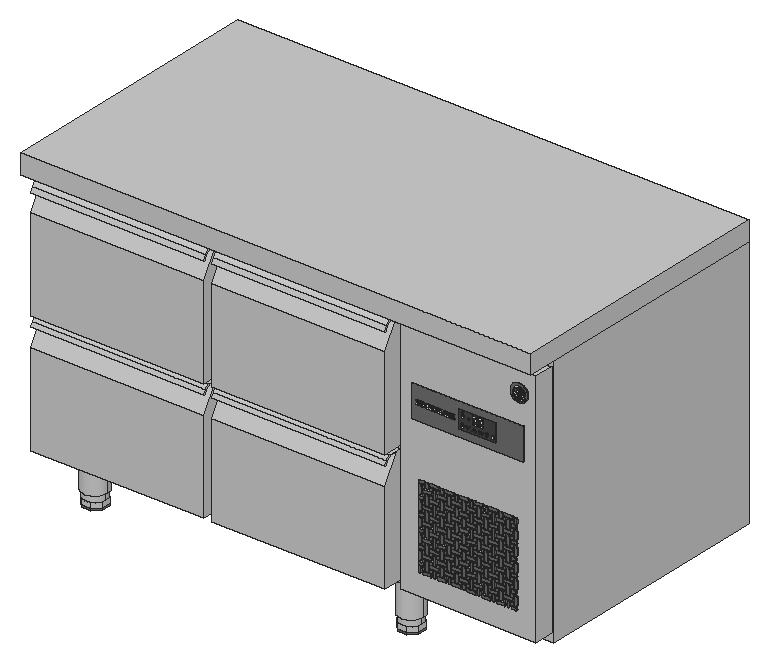
Revit family "QF_HOSHIZAKI_889000850", category Specialty Equipment, Revit 2016 (continued)
Definition of nested family "QF_HOSHIZAKI_889000850_230V_1Ph_50Hz"
  Definition of nested family "Control-panel"
    Forms (mm)
      Extrusion 1, solid
        sketch origin (-3653, 19.5, -135) x (-1, 0, 0) y (0, 0, 1)
          loop
            arc (-3954.5, 299.986) -> (-3951, 296.486) -> (-3947.5, 299.986) r 3.5
            line (-3947.5, 299.986) -> (-3947.5, 317.986)
          loop
            arc (-3941, 312.486) -> (-3944.5, 308.986) -> (-3941, 305.486) r 3.5
            line (-3941, 305.486) -> (-3923, 305.486)
            arc (-3923, 305.486) -> (-3919.5, 308.986) -> (-3923, 312.486) r 3.5
            line (-3923, 312.486) -> (-3941, 312.486)
          loop
            arc (-3903, 312.486) -> (-3906.5, 308.986) -> (-3903, 305.486) r 3.5
            line (-3903, 305.486) -> (-3885, 305.486)
            arc (-3885, 305.486) -> (-3881.5, 308.986) -> (-3885, 312.486) r 3.5
            line (-3885, 312.486) -> (-3903, 312.486)
          loop
            arc (-3865, 312.486) -> (-3868.5, 308.986) -> (-3865, 305.486) r 3.5
            line (-3865, 305.486) -> (-3847, 305.486)
            arc (-3847, 305.486) -> (-3843.5, 308.986) -> (-3847, 312.486) r 3.5
            line (-3847, 312.486) -> (-3865, 312.486)
          loop
            arc (-3827, 312.486) -> (-3830.5, 308.986) -> (-3827, 305.486) r 3.5
            line (-3827, 305.486) -> (-3809, 305.486)
            arc (-3809, 305.486) -> (-3805.5, 308.986) -> (-3809, 312.486) r 3.5
            line (-3809, 312.486) -> (-3827, 312.486)
          loop
            arc (-3789, 312.486) -> (-3792.5, 308.986) -> (-3789, 305.486) r 3.5
            line (-3789, 305.486) -> (-3771, 305.486)
            arc (-3771, 305.486) -> (-3767.5, 308.986) -> (-3771, 312.486) r 3.5
            line (-3771, 312.486) -> (-3789, 312.486)
          loop
            arc (-3751, 312.486) -> (-3754.5, 308.986) -> (-3751, 305.486) r 3.5
            line (-3751, 305.486) -> (-3733, 305.486)
            arc (-3733, 305.486) -> (-3729.5, 308.986) -> (-3733, 312.486) r 3.5
            line (-3733, 312.486) -> (-3751, 312.486)
          loop
            arc (-3713, 312.486) -> (-3716.5, 308.986) -> (-3713, 305.486) r 3.5
            line (-3713, 305.486) -> (-3704, 305.486)
            arc (-3704, 305.486) -> (-3700.5, 308.986) -> (-3704, 312.486) r 3.5
            line (-3704, 312.486) -> (-3713, 312.486)
          loop
            line (-3938.025, 302.996) -> (-3945.025, 302.996) -> (-3945.025, 295.996) -> (-3938.025, 295.996) -> (-3938.025, 302.996)
          loop
            line (-3919.025, 302.996) -> (-3926.025, 302.996) -> (-3926.025, 295.996) -> (-3919.025, 295.996) -> (-3919.025, 302.996)
          loop
            line (-3900.025, 302.996) -> (-3907.025, 302.996) -> (-3907.025, 295.996) -> (-3900.025, 295.996) -> (-3900.025, 302.996)
          loop
            line (-3881.025, 302.996) -> (-3888.025, 302.996) -> (-3888.025, 295.996) -> (-3881.025, 295.996) -> (-3881.025, 302.996)
          loop
            line (-3862.025, 302.996) -> (-3869.025, 302.996) -> (-3869.025, 295.996) -> (-3862.025, 295.996) -> (-3862.025, 302.996)
          loop
            line (-3843.025, 302.996) -> (-3850.025, 302.996) -> (-3850.025, 295.996) -> (-3843.025, 295.996) -> (-3843.025, 302.996)
          loop
            line (-3824.025, 302.996) -> (-3831.025, 302.996) -> (-3831.025, 295.996) -> (-3824.025, 295.996) -> (-3824.025, 302.996)
          loop
            line (-3805.025, 302.996) -> (-3812.025, 302.996) -> (-3812.025, 295.996) -> (-3805.025, 295.996) -> (-3805.025, 302.996)
          loop
            line (-3786.025, 302.996) -> (-3793.025, 302.996) -> (-3793.025, 295.996) -> (-3786.025, 295.996) -> (-3786.025, 302.996)
          loop
            line (-3767.025, 302.996) -> (-3774.025, 302.996) -> (-3774.025, 295.996) -> (-3767.025, 295.996) -> (-3767.025, 302.996)
          loop
            line (-3748.025, 302.996) -> (-3755.025, 302.996) -> (-3755.025, 295.996) -> (-3748.025, 295.996) -> (-3748.025, 302.996)
          loop
            line (-3729.025, 302.996) -> (-3736.025, 302.996) -> (-3736.025, 295.996) -> (-3729.025, 295.996) -> (-3729.025, 302.996)
          loop
            line (-3710.025, 302.996) -> (-3717.025, 302.996) -> (-3717.025, 295.996) -> (-3710.025, 295.996) -> (-3710.025, 302.996)
          loop
            line (-3935.5, 298.986) -> (-3935.5, 280.986)
            arc (-3935.5, 280.986) -> (-3932, 277.486) -> (-3928.5, 280.986) r 3.5
            line (-3928.5, 280.986) -> (-3928.5, 298.986)
            arc (-3928.5, 298.986) -> (-3932, 302.486) -> (-3935.5, 298.986) r 3.5
          loop
            line (-3897.5, 298.986) -> (-3897.5, 280.986)
            arc (-3897.5, 280.986) -> (-3894, 277.486) -> (-3890.5, 280.986) r 3.5
            line (-3890.5, 280.986) -> (-3890.5, 298.986)
            arc (-3890.5, 298.986) -> (-3894, 302.486) -> (-3897.5, 298.986) r 3.5
          loop
            line (-3859.5, 298.986) -> (-3859.5, 280.986)
            arc (-3859.5, 280.986) -> (-3856, 277.486) -> (-3852.5, 280.986) r 3.5
            line (-3852.5, 280.986) -> (-3852.5, 298.986)
            arc (-3852.5, 298.986) -> (-3856, 302.486) -> (-3859.5, 298.986) r 3.5
          loop
            line (-3821.5, 298.986) -> (-3821.5, 280.986)
            arc (-3821.5, 280.986) -> (-3818, 277.486) -> (-3814.5, 280.986) r 3.5
            line (-3814.5, 280.986) -> (-3814.5, 298.986)
            arc (-3814.5, 298.986) -> (-3818, 302.486) -> (-3821.5, 298.986) r 3.5
          loop
            line (-3783.5, 298.986) -> (-3783.5, 280.986)
            arc (-3783.5, 280.986) -> (-3780, 277.486) -> (-3776.5, 280.986) r 3.5
            line (-3776.5, 280.986) -> (-3776.5, 298.986)
            arc (-3776.5, 298.986) -> (-3780, 302.486) -> (-3783.5, 298.986) r 3.5
          loop
            line (-3745.5, 298.986) -> (-3745.5, 280.986)
            arc (-3745.5, 280.986) -> (-3742, 277.486) -> (-3738.5, 280.986) r 3.5
            line (-3738.5, 280.986) -> (-3738.5, 298.986)
            arc (-3738.5, 298.986) -> (-3742, 302.486) -> (-3745.5, 298.986) r 3.5
          loop
            line (-3707.5, 298.986) -> (-3707.5, 280.986)
            arc (-3707.5, 280.986) -> (-3704, 277.486) -> (-3700.5, 280.986) r 3.5
            line (-3700.5, 280.986) -> (-3700.5, 298.986)
            arc (-3700.5, 298.986) -> (-3704, 302.486) -> (-3707.5, 298.986) r 3.5
          loop
            arc (-3922, 293.486) -> (-3925.5, 289.986) -> (-3922, 286.486) r 3.5
            line (-3922, 286.486) -> (-3904, 286.486)
            arc (-3904, 286.486) -> (-3900.5, 289.986) -> (-3904, 293.486) r 3.5
            line (-3904, 293.486) -> (-3922, 293.486)
          loop
            arc (-3884, 293.486) -> (-3887.5, 289.986) -> (-3884, 286.486) r 3.5
            line (-3884, 286.486) -> (-3866, 286.486)
            arc (-3866, 286.486) -> (-3862.5, 289.986) -> (-3866, 293.486) r 3.5
            line (-3866, 293.486) -> (-3884, 293.486)
          loop
            arc (-3846, 293.486) -> (-3849.5, 289.986) -> (-3846, 286.486) r 3.5
            line (-3846, 286.486) -> (-3828, 286.486)
            arc (-3828, 286.486) -> (-3824.5, 289.986) -> (-3828, 293.486) r 3.5
            line (-3828, 293.486) -> (-3846, 293.486)
          loop
            arc (-3808, 293.486) -> (-3811.5, 289.986) -> (-3808, 286.486) r 3.5
            line (-3808, 286.486) -> (-3790, 286.486)
            arc (-3790, 286.486) -> (-3786.5, 289.986) -> (-3790, 293.486) r 3.5
            line (-3790, 293.486) -> (-3808, 293.486)
          loop
            arc (-3770, 293.486) -> (-3773.5, 289.986) -> (-3770, 286.486) r 3.5
            line (-3770, 286.486) -> (-3752, 286.486)
            arc (-3752, 286.486) -> (-3748.5, 289.986) -> (-3752, 293.486) r 3.5
            line (-3752, 293.486) -> (-3770, 293.486)
          loop
            arc (-3732, 293.486) -> (-3735.5, 289.986) -> (-3732, 286.486) r 3.5
            line (-3732, 286.486) -> (-3714, 286.486)
            arc (-3714, 286.486) -> (-3710.5, 289.986) -> (-3714, 293.486) r 3.5
            line (-3714, 293.486) -> (-3732, 293.486)
          loop
            line (-3938.025, 276.976) -> (-3938.025, 283.976) -> (-3945.025, 283.976) -> (-3945.025, 276.976) -> (-3938.025, 276.976)
          loop
            line (-3919.025, 276.976) -> (-3919.025, 283.976) -> (-3926.025, 283.976) -> (-3926.025, 276.976) -> (-3919.025, 276.976)
          loop
            line (-3900.025, 276.976) -> (-3900.025, 283.976) -> (-3907.025, 283.976) -> (-3907.025, 276.976) -> (-3900.025, 276.976)
          loop
            line (-3881.025, 276.976) -> (-3881.025, 283.976) -> (-3888.025, 283.976) -> (-3888.025, 276.976) -> (-3881.025, 276.976)
          loop
            line (-3862.025, 276.976) -> (-3862.025, 283.976) -> (-3869.025, 283.976) -> (-3869.025, 276.976) -> (-3862.025, 276.976)
          loop
            line (-3843.025, 276.976) -> (-3843.025, 283.976) -> (-3850.025, 283.976) -> (-3850.025, 276.976) -> (-3843.025, 276.976)
          loop
            line (-3824.025, 276.976) -> (-3824.025, 283.976) -> (-3831.025, 283.976) -> (-3831.025, 276.976) -> (-3824.025, 276.976)
          loop
            line (-3805.025, 276.976) -> (-3805.025, 283.976) -> (-3812.025, 283.976) -> (-3812.025, 276.976) -> (-3805.025, 276.976)
          loop
            line (-3786.025, 276.976) -> (-3786.025, 283.976) -> (-3793.025, 283.976) -> (-3793.025, 276.976) -> (-3786.025, 276.976)
          loop
            line (-3767.025, 276.976) -> (-3767.025, 283.976) -> (-3774.025, 283.976) -> (-3774.025, 276.976) -> (-3767.025, 276.976)
          loop
            line (-3748.025, 276.976) -> (-3748.025, 283.976) -> (-3755.025, 283.976) -> (-3755.025, 276.976) -> (-3748.025, 276.976)
          loop
            line (-3729.025, 276.976) -> (-3729.025, 283.976) -> (-3736.025, 283.976) -> (-3736.025, 276.976) -> (-3729.025, 276.976)
          loop
            line (-3710.025, 276.976) -> (-3710.025, 283.976) -> (-3717.025, 283.976) -> (-3717.025, 276.976) -> (-3710.025, 276.976)
          loop
            arc (-3719.5, 279.986) -> (-3723, 283.486) -> (-3726.5, 279.986) r 3.5
            line (-3726.5, 279.986) -> (-3726.5, 261.986)
            arc (-3726.5, 261.986) -> (-3723, 258.486) -> (-3719.5, 261.986) r 3.5
            line (-3719.5, 261.986) -> (-3719.5, 279.986)
          loop
            arc (-3757.5, 279.986) -> (-3761, 283.486) -> (-3764.5, 279.986) r 3.5
            line (-3764.5, 279.986) -> (-3764.5, 261.986)
            arc (-3764.5, 261.986) -> (-3761, 258.486) -> (-3757.5, 261.986) r 3.5
            line (-3757.5, 261.986) -> (-3757.5, 279.986)
          loop
            arc (-3795.5, 279.986) -> (-3799, 283.486) -> (-3802.5, 279.986) r 3.5
            line (-3802.5, 279.986) -> (-3802.5, 261.986)
            arc (-3802.5, 261.986) -> (-3799, 258.486) -> (-3795.5, 261.986) r 3.5
            line (-3795.5, 261.986) -> (-3795.5, 279.986)
          loop
            arc (-3833.5, 279.986) -> (-3837, 283.486) -> (-3840.5, 279.986) r 3.5
            line (-3840.5, 279.986) -> (-3840.5, 261.986)
            arc (-3840.5, 261.986) -> (-3837, 258.486) -> (-3833.5, 261.986) r 3.5
            line (-3833.5, 261.986) -> (-3833.5, 279.986)
          loop
            arc (-3871.5, 279.986) -> (-3875, 283.486) -> (-3878.5, 279.986) r 3.5
            line (-3878.5, 279.986) -> (-3878.5, 261.986)
            arc (-3878.5, 261.986) -> (-3875, 258.486) -> (-3871.5, 261.986) r 3.5
            line (-3871.5, 261.986) -> (-3871.5, 279.986)
          loop
            arc (-3909.5, 279.986) -> (-3913, 283.486) -> (-3916.5, 279.986) r 3.5
            line (-3916.5, 279.986) -> (-3916.5, 261.986)
            arc (-3916.5, 261.986) -> (-3913, 258.486) -> (-3909.5, 261.986) r 3.5
            line (-3909.5, 261.986) -> (-3909.5, 279.986)
          loop
            arc (-3951, 292.986) -> (-3954, 289.986) -> (-3951, 286.986) r 3
            line (-3951, 286.986) -> (-3942, 286.986)
            arc (-3942, 286.986) -> (-3939, 289.986) -> (-3942, 292.986) r 3
            line (-3942, 292.986) -> (-3951, 292.986)
          loop
            arc (-3947.5, 279.986) -> (-3951, 283.486) -> (-3954.5, 279.986) r 3.5
            line (-3954.5, 279.986) -> (-3954.5, 261.986)
            arc (-3954.5, 261.986) -> (-3951, 258.486) -> (-3947.5, 261.986) r 3.5
            line (-3947.5, 261.986) -> (-3947.5, 279.986)
          loop
            arc (-3941, 274.486) -> (-3944.5, 270.986) -> (-3941, 267.486) r 3.5
            line (-3941, 267.486) -> (-3923, 267.486)
            arc (-3923, 267.486) -> (-3919.5, 270.986) -> (-3923, 274.486) r 3.5
            line (-3923, 274.486) -> (-3941, 274.486)
          loop
            arc (-3903, 274.486) -> (-3906.5, 270.986) -> (-3903, 267.486) r 3.5
            line (-3903, 267.486) -> (-3885, 267.486)
            arc (-3885, 267.486) -> (-3881.5, 270.986) -> (-3885, 274.486) r 3.5
            line (-3885, 274.486) -> (-3903, 274.486)
          loop
            arc (-3865, 274.486) -> (-3868.5, 270.986) -> (-3865, 267.486) r 3.5
            line (-3865, 267.486) -> (-3847, 267.486)
            arc (-3847, 267.486) -> (-3843.5, 270.986) -> (-3847, 274.486) r 3.5
            line (-3847, 274.486) -> (-3865, 274.486)
          loop
            arc (-3827, 274.486) -> (-3830.5, 270.986) -> (-3827, 267.486) r 3.5
            line (-3827, 267.486) -> (-3809, 267.486)
            arc (-3809, 267.486) -> (-3805.5, 270.986) -> (-3809, 274.486) r 3.5
            line (-3809, 274.486) -> (-3827, 274.486)
          loop
            arc (-3789, 274.486) -> (-3792.5, 270.986) -> (-3789, 267.486) r 3.5
            line (-3789, 267.486) -> (-3771, 267.486)
            arc (-3771, 267.486) -> (-3767.5, 270.986) -> (-3771, 274.486) r 3.5
            line (-3771, 274.486) -> (-3789, 274.486)
          loop
            arc (-3751, 274.486) -> (-3754.5, 270.986) -> (-3751, 267.486) r 3.5
            line (-3751, 267.486) -> (-3733, 267.486)
            arc (-3733, 267.486) -> (-3729.5, 270.986) -> (-3733, 274.486) r 3.5
            line (-3733, 274.486) -> (-3751, 274.486)
          loop
            arc (-3713, 274.486) -> (-3716.5, 270.986) -> (-3713, 267.486) r 3.5
            line (-3713, 267.486) -> (-3704, 267.486)
            arc (-3704, 267.486) -> (-3700.5, 270.986) -> (-3704, 274.486) r 3.5
            line (-3704, 274.486) -> (-3713, 274.486)
          loop
            line (-3938.025, 264.996) -> (-3945.025, 264.996) -> (-3945.025, 257.996) -> (-3938.025, 257.996) -> (-3938.025, 264.996)
          loop
            line (-3919.025, 264.996) -> (-3926.025, 264.996) -> (-3926.025, 257.996) -> (-3919.025, 257.996) -> (-3919.025, 264.996)
          loop
            line (-3900.025, 264.996) -> (-3907.025, 264.996) -> (-3907.025, 257.996) -> (-3900.025, 257.996) -> (-3900.025, 264.996)
          loop
            line (-3881.025, 264.996) -> (-3888.025, 264.996) -> (-3888.025, 257.996) -> (-3881.025, 257.996) -> (-3881.025, 264.996)
          loop
            line (-3862.025, 264.996) -> (-3869.025, 264.996) -> (-3869.025, 257.996) -> (-3862.025, 257.996) -> (-3862.025, 264.996)
          loop
            line (-3843.025, 264.996) -> (-3850.025, 264.996) -> (-3850.025, 257.996) -> (-3843.025, 257.996) -> (-3843.025, 264.996)
          loop
            line (-3824.025, 264.996) -> (-3831.025, 264.996) -> (-3831.025, 257.996) -> (-3824.025, 257.996) -> (-3824.025, 264.996)
          loop
            line (-3805.025, 264.996) -> (-3812.025, 264.996) -> (-3812.025, 257.996) -> (-3805.025, 257.996) -> (-3805.025, 264.996)
          loop
            line (-3786.025, 264.996) -> (-3793.025, 264.996) -> (-3793.025, 257.996) -> (-3786.025, 257.996) -> (-3786.025, 264.996)
          loop
            line (-3767.025, 264.996) -> (-3774.025, 264.996) -> (-3774.025, 257.996) -> (-3767.025, 257.996) -> (-3767.025, 264.996)
          loop
            line (-3748.025, 264.996) -> (-3755.025, 264.996) -> (-3755.025, 257.996) -> (-3748.025, 257.996) -> (-3748.025, 264.996)
          loop
            line (-3729.025, 264.996) -> (-3736.025, 264.996) -> (-3736.025, 257.996) -> (-3729.025, 257.996) -> (-3729.025, 264.996)
          loop
            line (-3710.025, 264.996) -> (-3717.025, 264.996) -> (-3717.025, 257.996) -> (-3710.025, 257.996) -> (-3710.025, 264.996)
          loop
            line (-3935.5, 260.986) -> (-3935.5, 242.986)
            arc (-3935.5, 242.986) -> (-3932, 239.486) -> (-3928.5, 242.986) r 3.5
            line (-3928.5, 242.986) -> (-3928.5, 260.986)
            arc (-3928.5, 260.986) -> (-3932, 264.486) -> (-3935.5, 260.986) r 3.5
          loop
            line (-3897.5, 260.986) -> (-3897.5, 242.986)
            arc (-3897.5, 242.986) -> (-3894, 239.486) -> (-3890.5, 242.986) r 3.5
            line (-3890.5, 242.986) -> (-3890.5, 260.986)
            arc (-3890.5, 260.986) -> (-3894, 264.486) -> (-3897.5, 260.986) r 3.5
          loop
            line (-3859.5, 260.986) -> (-3859.5, 242.986)
            arc (-3859.5, 242.986) -> (-3856, 239.486) -> (-3852.5, 242.986) r 3.5
            line (-3852.5, 242.986) -> (-3852.5, 260.986)
            arc (-3852.5, 260.986) -> (-3856, 264.486) -> (-3859.5, 260.986) r 3.5
          loop
            line (-3821.5, 260.986) -> (-3821.5, 242.986)
            arc (-3821.5, 242.986) -> (-3818, 239.486) -> (-3814.5, 242.986) r 3.5
            line (-3814.5, 242.986) -> (-3814.5, 260.986)
            arc (-3814.5, 260.986) -> (-3818, 264.486) -> (-3821.5, 260.986) r 3.5
          loop
            line (-3783.5, 260.986) -> (-3783.5, 242.986)
            arc (-3783.5, 242.986) -> (-3780, 239.486) -> (-3776.5, 242.986) r 3.5
            line (-3776.5, 242.986) -> (-3776.5, 260.986)
            arc (-3776.5, 260.986) -> (-3780, 264.486) -> (-3783.5, 260.986) r 3.5
          loop
            line (-3745.5, 260.986) -> (-3745.5, 242.986)
            arc (-3745.5, 242.986) -> (-3742, 239.486) -> (-3738.5, 242.986) r 3.5
            line (-3738.5, 242.986) -> (-3738.5, 260.986)
            arc (-3738.5, 260.986) -> (-3742, 264.486) -> (-3745.5, 260.986) r 3.5
          loop
            line (-3707.5, 260.986) -> (-3707.5, 242.986)
            arc (-3707.5, 242.986) -> (-3704, 239.486) -> (-3700.5, 242.986) r 3.5
            line (-3700.5, 242.986) -> (-3700.5, 260.986)
            arc (-3700.5, 260.986) -> (-3704, 264.486) -> (-3707.5, 260.986) r 3.5
          loop
            arc (-3922, 255.486) -> (-3925.5, 251.986) -> (-3922, 248.486) r 3.5
            line (-3922, 248.486) -> (-3904, 248.486)
            arc (-3904, 248.486) -> (-3900.5, 251.986) -> (-3904, 255.486) r 3.5
            line (-3904, 255.486) -> (-3922, 255.486)
          loop
            arc (-3884, 255.486) -> (-3887.5, 251.986) -> (-3884, 248.486) r 3.5
            line (-3884, 248.486) -> (-3866, 248.486)
            arc (-3866, 248.486) -> (-3862.5, 251.986) -> (-3866, 255.486) r 3.5
            line (-3866, 255.486) -> (-3884, 255.486)
          loop
            arc (-3846, 255.486) -> (-3849.5, 251.986) -> (-3846, 248.486) r 3.5
            line (-3846, 248.486) -> (-3828, 248.486)
            arc (-3828, 248.486) -> (-3824.5, 251.986) -> (-3828, 255.486) r 3.5
            line (-3828, 255.486) -> (-3846, 255.486)
          loop
            arc (-3808, 255.486) -> (-3811.5, 251.986) -> (-3808, 248.486) r 3.5
            line (-3808, 248.486) -> (-3790, 248.486)
            arc (-3790, 248.486) -> (-3786.5, 251.986) -> (-3790, 255.486) r 3.5
            line (-3790, 255.486) -> (-3808, 255.486)
          loop
            arc (-3770, 255.486) -> (-3773.5, 251.986) -> (-3770, 248.486) r 3.5
            line (-3770, 248.486) -> (-3752, 248.486)
            arc (-3752, 248.486) -> (-3748.5, 251.986) -> (-3752, 255.486) r 3.5
            line (-3752, 255.486) -> (-3770, 255.486)
          loop
            arc (-3732, 255.486) -> (-3735.5, 251.986) -> (-3732, 248.486) r 3.5
            line (-3732, 248.486) -> (-3714, 248.486)
            arc (-3714, 248.486) -> (-3710.5, 251.986) -> (-3714, 255.486) r 3.5
            line (-3714, 255.486) -> (-3732, 255.486)
          loop
            line (-3938.025, 238.976) -> (-3938.025, 245.976) -> (-3945.025, 245.976) -> (-3945.025, 238.976) -> (-3938.025, 238.976)
          loop
            line (-3919.025, 238.976) -> (-3919.025, 245.976) -> (-3926.025, 245.976) -> (-3926.025, 238.976) -> (-3919.025, 238.976)
          loop
            line (-3900.025, 238.976) -> (-3900.025, 245.976) -> (-3907.025, 245.976) -> (-3907.025, 238.976) -> (-3900.025, 238.976)
          loop
            line (-3881.025, 238.976) -> (-3881.025, 245.976) -> (-3888.025, 245.976) -> (-3888.025, 238.976) -> (-3881.025, 238.976)
          loop
            line (-3862.025, 238.976) -> (-3862.025, 245.976) -> (-3869.025, 245.976) -> (-3869.025, 238.976) -> (-3862.025, 238.976)
          loop
            line (-3843.025, 238.976) -> (-3843.025, 245.976) -> (-3850.025, 245.976) -> (-3850.025, 238.976) -> (-3843.025, 238.976)
          loop
            line (-3824.025, 238.976) -> (-3824.025, 245.976) -> (-3831.025, 245.976) -> (-3831.025, 238.976) -> (-3824.025, 238.976)
          loop
            line (-3805.025, 238.976) -> (-3805.025, 245.976) -> (-3812.025, 245.976) -> (-3812.025, 238.976) -> (-3805.025, 238.976)
          loop
            line (-3786.025, 238.976) -> (-3786.025, 245.976) -> (-3793.025, 245.976) -> (-3793.025, 238.976) -> (-3786.025, 238.976)
          loop
            line (-3767.025, 238.976) -> (-3767.025, 245.976) -> (-3774.025, 245.976) -> (-3774.025, 238.976) -> (-3767.025, 238.976)
          loop
            line (-3748.025, 238.976) -> (-3748.025, 245.976) -> (-3755.025, 245.976) -> (-3755.025, 238.976) -> (-3748.025, 238.976)
          loop
            line (-3729.025, 238.976) -> (-3729.025, 245.976) -> (-3736.025, 245.976) -> (-3736.025, 238.976) -> (-3729.025, 238.976)
          loop
            line (-3710.025, 238.976) -> (-3710.025, 245.976) -> (-3717.025, 245.976) -> (-3717.025, 238.976) -> (-3710.025, 238.976)
          loop
            arc (-3719.5, 241.986) -> (-3723, 245.486) -> (-3726.5, 241.986) r 3.5
            line (-3726.5, 241.986) -> (-3726.5, 223.986)
            arc (-3726.5, 223.986) -> (-3723, 220.486) -> (-3719.5, 223.986) r 3.5
            line (-3719.5, 223.986) -> (-3719.5, 241.986)
          loop
            arc (-3757.5, 241.986) -> (-3761, 245.486) -> (-3764.5, 241.986) r 3.5
            line (-3764.5, 241.986) -> (-3764.5, 223.986)
            arc (-3764.5, 223.986) -> (-3761, 220.486) -> (-3757.5, 223.986) r 3.5
            line (-3757.5, 223.986) -> (-3757.5, 241.986)
          loop
            arc (-3795.5, 241.986) -> (-3799, 245.486) -> (-3802.5, 241.986) r 3.5
            line (-3802.5, 241.986) -> (-3802.5, 223.986)
            arc (-3802.5, 223.986) -> (-3799, 220.486) -> (-3795.5, 223.986) r 3.5
            line (-3795.5, 223.986) -> (-3795.5, 241.986)
          loop
            arc (-3833.5, 241.986) -> (-3837, 245.486) -> (-3840.5, 241.986) r 3.5
            line (-3840.5, 241.986) -> (-3840.5, 223.986)
            arc (-3840.5, 223.986) -> (-3837, 220.486) -> (-3833.5, 223.986) r 3.5
            line (-3833.5, 223.986) -> (-3833.5, 241.986)
          loop
            arc (-3871.5, 241.986) -> (-3875, 245.486) -> (-3878.5, 241.986) r 3.5
            line (-3878.5, 241.986) -> (-3878.5, 223.986)
            arc (-3878.5, 223.986) -> (-3875, 220.486) -> (-3871.5, 223.986) r 3.5
            line (-3871.5, 223.986) -> (-3871.5, 241.986)
          loop
            arc (-3909.5, 241.986) -> (-3913, 245.486) -> (-3916.5, 241.986) r 3.5
            line (-3916.5, 241.986) -> (-3916.5, 223.986)
            arc (-3916.5, 223.986) -> (-3913, 220.486) -> (-3909.5, 223.986) r 3.5
            line (-3909.5, 223.986) -> (-3909.5, 241.986)
          loop
            arc (-3951, 254.986) -> (-3954, 251.986) -> (-3951, 248.986) r 3
            line (-3951, 248.986) -> (-3942, 248.986)
            arc (-3942, 248.986) -> (-3939, 251.986) -> (-3942, 254.986) r 3
            line (-3942, 254.986) -> (-3951, 254.986)
          loop
            arc (-3947.5, 241.986) -> (-3951, 245.486) -> (-3954.5, 241.986) r 3.5
            line (-3954.5, 241.986) -> (-3954.5, 223.986)
            arc (-3954.5, 223.986) -> (-3951, 220.486) -> (-3947.5, 223.986) r 3.5
            line (-3947.5, 223.986) -> (-3947.5, 241.986)
          loop
            arc (-3941, 236.486) -> (-3944.5, 232.986) -> (-3941, 229.486) r 3.5
            line (-3941, 229.486) -> (-3923, 229.486)
            arc (-3923, 229.486) -> (-3919.5, 232.986) -> (-3923, 236.486) r 3.5
            line (-3923, 236.486) -> (-3941, 236.486)
          loop
            arc (-3903, 236.486) -> (-3906.5, 232.986) -> (-3903, 229.486) r 3.5
            line (-3903, 229.486) -> (-3885, 229.486)
            arc (-3885, 229.486) -> (-3881.5, 232.986) -> (-3885, 236.486) r 3.5
            line (-3885, 236.486) -> (-3903, 236.486)
          loop
            arc (-3865, 236.486) -> (-3868.5, 232.986) -> (-3865, 229.486) r 3.5
            line (-3865, 229.486) -> (-3847, 229.486)
            arc (-3847, 229.486) -> (-3843.5, 232.986) -> (-3847, 236.486) r 3.5
            line (-3847, 236.486) -> (-3865, 236.486)
          loop
            arc (-3827, 236.486) -> (-3830.5, 232.986) -> (-3827, 229.486) r 3.5
            line (-3827, 229.486) -> (-3809, 229.486)
            arc (-3809, 229.486) -> (-3805.5, 232.986) -> (-3809, 236.486) r 3.5
            line (-3809, 236.486) -> (-3827, 236.486)
          loop
            arc (-3789, 236.486) -> (-3792.5, 232.986) -> (-3789, 229.486) r 3.5
            line (-3789, 229.486) -> (-3771, 229.486)
            arc (-3771, 229.486) -> (-3767.5, 232.986) -> (-3771, 236.486) r 3.5
            line (-3771, 236.486) -> (-3789, 236.486)
          loop
            arc (-3751, 236.486) -> (-3754.5, 232.986) -> (-3751, 229.486) r 3.5
            line (-3751, 229.486) -> (-3733, 229.486)
            arc (-3733, 229.486) -> (-3729.5, 232.986) -> (-3733, 236.486) r 3.5
            line (-3733, 236.486) -> (-3751, 236.486)
          loop
            arc (-3713, 236.486) -> (-3716.5, 232.986) -> (-3713, 229.486) r 3.5
            line (-3713, 229.486) -> (-3704, 229.486)
            arc (-3704, 229.486) -> (-3700.5, 232.986) -> (-3704, 236.486) r 3.5
            line (-3704, 236.486) -> (-3713, 236.486)
          loop
            line (-3938.025, 226.996) -> (-3945.025, 226.996) -> (-3945.025, 219.996) -> (-3938.025, 219.996) -> (-3938.025, 226.996)
          loop
            line (-3919.025, 226.996) -> (-3926.025, 226.996) -> (-3926.025, 219.996) -> (-3919.025, 219.996) -> (-3919.025, 226.996)
          loop
            line (-3900.025, 226.996) -> (-3907.025, 226.996) -> (-3907.025, 219.996) -> (-3900.025, 219.996) -> (-3900.025, 226.996)
          loop
            line (-3881.025, 226.996) -> (-3888.025, 226.996) -> (-3888.025, 219.996) -> (-3881.025, 219.996) -> (-3881.025, 226.996)
          loop
            line (-3862.025, 226.996) -> (-3869.025, 226.996) -> (-3869.025, 219.996) -> (-3862.025, 219.996) -> (-3862.025, 226.996)
          loop
            line (-3843.025, 226.996) -> (-3850.025, 226.996) -> (-3850.025, 219.996) -> (-3843.025, 219.996) -> (-3843.025, 226.996)
          loop
            line (-3824.025, 226.996) -> (-3831.025, 226.996) -> (-3831.025, 219.996) -> (-3824.025, 219.996) -> (-3824.025, 226.996)
          loop
            line (-3805.025, 226.996) -> (-3812.025, 226.996) -> (-3812.025, 219.996) -> (-3805.025, 219.996) -> (-3805.025, 226.996)
          loop
            line (-3786.025, 226.996) -> (-3793.025, 226.996) -> (-3793.025, 219.996) -> (-3786.025, 219.996) -> (-3786.025, 226.996)
          loop
            line (-3767.025, 226.996) -> (-3774.025, 226.996) -> (-3774.025, 219.996) -> (-3767.025, 219.996) -> (-3767.025, 226.996)
          loop
            line (-3748.025, 226.996) -> (-3755.025, 226.996) -> (-3755.025, 219.996) -> (-3748.025, 219.996) -> (-3748.025, 226.996)
          loop
            line (-3729.025, 226.996) -> (-3736.025, 226.996) -> (-3736.025, 219.996) -> (-3729.025, 219.996) -> (-3729.025, 226.996)
          loop
            line (-3710.025, 226.996) -> (-3717.025, 226.996) -> (-3717.025, 219.996) -> (-3710.025, 219.996) -> (-3710.025, 226.996)
          loop
            arc (-3922, 217.486) -> (-3925.5, 213.986) -> (-3922, 210.486) r 3.5
            line (-3922, 210.486) -> (-3904, 210.486)
            arc (-3904, 210.486) -> (-3900.5, 213.986) -> (-3904, 217.486) r 3.5
            line (-3904, 217.486) -> (-3922, 217.486)
          loop
            arc (-3884, 217.486) -> (-3887.5, 213.986) -> (-3884, 210.486) r 3.5
            line (-3884, 210.486) -> (-3866, 210.486)
            arc (-3866, 210.486) -> (-3862.5, 213.986) -> (-3866, 217.486) r 3.5
            line (-3866, 217.486) -> (-3884, 217.486)
          loop
            arc (-3846, 217.486) -> (-3849.5, 213.986) -> (-3846, 210.486) r 3.5
            line (-3846, 210.486) -> (-3828, 210.486)
            arc (-3828, 210.486) -> (-3824.5, 213.986) -> (-3828, 217.486) r 3.5
            line (-3828, 217.486) -> (-3846, 217.486)
          loop
            arc (-3808, 217.486) -> (-3811.5, 213.986) -> (-3808, 210.486) r 3.5
            line (-3808, 210.486) -> (-3790, 210.486)
            arc (-3790, 210.486) -> (-3786.5, 213.986) -> (-3790, 217.486) r 3.5
            line (-3790, 217.486) -> (-3808, 217.486)
          loop
            arc (-3770, 217.486) -> (-3773.5, 213.986) -> (-3770, 210.486) r 3.5
            line (-3770, 210.486) -> (-3752, 210.486)
            arc (-3752, 210.486) -> (-3748.5, 213.986) -> (-3752, 217.486) r 3.5
            line (-3752, 217.486) -> (-3770, 217.486)
          loop
            arc (-3732, 217.486) -> (-3735.5, 213.986) -> (-3732, 210.486) r 3.5
            line (-3732, 210.486) -> (-3714, 210.486)
            arc (-3714, 210.486) -> (-3710.5, 213.986) -> (-3714, 217.486) r 3.5
            line (-3714, 217.486) -> (-3732, 217.486)
          loop
            arc (-3951, 216.986) -> (-3954, 213.986) -> (-3951, 210.986) r 3
            line (-3951, 210.986) -> (-3942, 210.986)
            arc (-3942, 210.986) -> (-3939, 213.986) -> (-3942, 216.986) r 3
            line (-3942, 216.986) -> (-3951, 216.986)
          loop
            arc (-3701, 223.486) -> (-3704, 226.486) -> (-3707, 223.486) r 3
            line (-3707, 223.486) -> (-3707, 214.486)
            arc (-3707, 214.486) -> (-3704, 211.486) -> (-3701, 214.486) r 3
            line (-3701, 214.486) -> (-3701, 223.486)
          loop
            arc (-3739, 223.486) -> (-3742, 226.486) -> (-3745, 223.486) r 3
            line (-3745, 223.486) -> (-3745, 214.486)
            arc (-3745, 214.486) -> (-3742, 211.486) -> (-3739, 214.486) r 3
            line (-3739, 214.486) -> (-3739, 223.486)
          loop
            arc (-3777, 223.486) -> (-3780, 226.486) -> (-3783, 223.486) r 3
            line (-3783, 223.486) -> (-3783, 214.486)
            arc (-3783, 214.486) -> (-3780, 211.486) -> (-3777, 214.486) r 3
            line (-3777, 214.486) -> (-3777, 223.486)
          loop
            arc (-3815, 223.486) -> (-3818, 226.486) -> (-3821, 223.486) r 3
            line (-3821, 223.486) -> (-3821, 214.486)
            arc (-3821, 214.486) -> (-3818, 211.486) -> (-3815, 214.486) r 3
            line (-3815, 214.486) -> (-3815, 223.486)
          loop
            arc (-3853, 223.486) -> (-3856, 226.486) -> (-3859, 223.486) r 3
            line (-3859, 223.486) -> (-3859, 214.486)
            arc (-3859, 214.486) -> (-3856, 211.486) -> (-3853, 214.486) r 3
            line (-3853, 214.486) -> (-3853, 223.486)
          loop
            arc (-3891, 223.486) -> (-3894, 226.486) -> (-3897, 223.486) r 3
            line (-3897, 223.486) -> (-3897, 214.486)
            arc (-3897, 214.486) -> (-3894, 211.486) -> (-3891, 214.486) r 3
            line (-3891, 214.486) -> (-3891, 223.486)
          loop
            arc (-3929, 223.486) -> (-3932, 226.486) -> (-3935, 223.486) r 3
            line (-3935, 223.486) -> (-3935, 214.486)
            arc (-3935, 214.486) -> (-3932, 211.486) -> (-3929, 214.486) r 3
            line (-3929, 214.486) -> (-3929, 223.486)
        from 5.5 to 7.5
      Extrusion 2, solid
        sketch origin (-1812, 19.5, -302.5) x (-1, 0, 0) y (0, 0, 1)
          loop
            line (-2131, 808) -> (-2131, 731)
            arc (-2131, 731) -> (-2130.121, 728.879) -> (-2128, 728) r 3
            line (-2128, 728) -> (-1845, 728)
            arc (-1845, 728) -> (-1842.879, 728.879) -> (-1842, 731) r 3
            line (-1842, 731) -> (-1842, 808)
            arc (-1842, 808) -> (-1842.879, 810.121) -> (-1845, 811) r 3
            line (-1845, 811) -> (-2128, 811)
            arc (-2128, 811) -> (-2130.121, 810.121) -> (-2131, 808) r 3
        from 5.5 to 7.5
      Extrusion 3, solid
        sketch origin (-1721.829, 19.5, -302.5) x (-1, 0, 0) y (0, 0, 1)
          loop
            line (-1873, 793) -> (-1968.159, 793) -> (-1968.159, 746) -> (-1873, 746) -> (-1873, 793)
        from 5 to 7.5
      Extrusion 4, solid, visible <- "Show Logo"
        sketch origin (-1807, 19.5, -188.5) x (-1, 0, 0) y (0, 0, 1)
          loop
            circle (-2113.5, 769.5) r 13.99
        from 4.5 to 6
      Extrusion 5, solid, visible <- "Show Logo"
        sketch origin (-1807, 19.5, -188.5) x (-1, 0, 0) y (0, 0, 1)
          loop
            circle (-2113.5, 769.5) r 15
          loop
            line (-2126.5, 769.5) -> (-2120.846, 773.459) -> (-2118.907, 773.459) -> (-2118.036, 763.497) -> (-2119.632, 763.497) -> (-2117.808, 760.891) -> (-2122.091, 759.743)
            arc (-2122.091, 759.743) -> (-2112.99, 756.51) -> (-2104.171, 760.446) r 13
            line (-2104.171, 760.446) -> (-2111.913, 760.446) -> (-2113.024, 758.523) -> (-2117.6, 758.523) -> (-2113.951, 764.843) -> (-2112.168, 762.297) -> (-2110.969, 763.497) -> (-2112.161, 767.945) -> (-2112.983, 771.014) -> (-2114.045, 774.979) -> (-2115.629, 777.241) -> (-2111.344, 777.241) -> (-2110.01, 772.26) -> (-2108.361, 772.26) -> (-2107.029, 770.928) -> (-2104.038, 769.201) -> (-2103.03, 765.437) -> (-2100.604, 767.863)
            arc (-2100.604, 767.863) -> (-2112.68, 782.474) -> (-2126.5, 769.5) r 13
          loop
            arc (-2125.531, 764.467) -> (-2124.506, 762.602) -> (-2123.241, 760.891) r 15.828
            line (-2123.241, 760.891) -> (-2121.071, 768.926) -> (-2125.531, 764.467)
          loop
            line (-2109.801, 769.877) -> (-2109.801, 764.664) -> (-2108.483, 768.285) -> (-2106.744, 769.399) -> (-2109.801, 769.877)
          loop
            line (-2108.558, 762.979) -> (-2105.47, 762.035) -> (-2104.504, 761.224) -> (-2103.812, 761.916) -> (-2105.089, 763.908) -> (-2108.558, 762.979)
          loop
            line (-2110.775, 779.307) -> (-2108.457, 780.388) -> (-2110.775, 781.009) -> (-2110.775, 779.307)
          loop
            line (-2113.024, 781.662) -> (-2115.087, 781.11) -> (-2114.199, 779.205) -> (-2112.584, 779.638) -> (-2113.79, 780.335) -> (-2113.024, 781.662)
          loop
            line (-2113.762, 753.783) -> (-2114.844, 752.701) -> (-2116.385, 752.701) -> (-2115.329, 751.645) -> (-2115.642, 749.874) -> (-2113.762, 750.959) -> (-2111.881, 749.874) -> (-2112.194, 751.645) -> (-2111.138, 752.701) -> (-2112.679, 752.701) -> (-2113.762, 753.783)
          loop
            line (-2126.524, 760.7) -> (-2128.032, 760.965) -> (-2128.916, 762.228) -> (-2129.176, 760.757) -> (-2130.805, 759.997) -> (-2128.838, 759.08) -> (-2128.648, 756.917) -> (-2127.377, 758.188) -> (-2125.906, 757.929) -> (-2126.79, 759.191) -> (-2126.524, 760.7)
          loop
            line (-2120.989, 755.68) -> (-2122.45, 755.219) -> (-2123.816, 755.931) -> (-2123.367, 754.507) -> (-2124.462, 753.08) -> (-2122.293, 753.175) -> (-2121.127, 751.344) -> (-2120.586, 753.059) -> (-2119.162, 753.508) -> (-2120.529, 754.219) -> (-2120.989, 755.68)
          loop
            line (-2100.476, 760.7) -> (-2100.21, 759.191) -> (-2101.094, 757.929) -> (-2099.623, 758.188) -> (-2098.352, 756.917) -> (-2098.162, 759.08) -> (-2096.195, 759.997) -> (-2097.824, 760.757) -> (-2098.084, 762.228) -> (-2098.968, 760.965) -> (-2100.476, 760.7)
          loop
            line (-2106.011, 755.68) -> (-2106.471, 754.219) -> (-2107.838, 753.508) -> (-2106.414, 753.059) -> (-2105.873, 751.344) -> (-2104.707, 753.175) -> (-2102.538, 753.08) -> (-2103.633, 754.507) -> (-2103.184, 755.931) -> (-2104.55, 755.219) -> (-2106.011, 755.68)
        from 4 to 6
      Extrusion 6, solid, visible <- "Show Logo"
        sketch origin (-1807, 19.5, -188.5) x (-1, 0, 0) y (0, 0, 1)
          loop
            line (-2110.775, 781.009) -> (-2112.201, 782.435)
            arc (-2112.201, 782.435) -> (-2113.187, 782.496) -> (-2114.172, 782.435) r 8.046
            arc (-2114.172, 782.435) -> (-2116.517, 781.025) -> (-2117.04, 778.339) r 3.366
            line (-2117.04, 778.339) -> (-2118.907, 773.459) -> (-2117.808, 760.891) -> (-2119.436, 758.565) -> (-2117.576, 758.565) -> (-2113.951, 764.843) -> (-2112.168, 762.297) -> (-2110.969, 763.497) -> (-2114.045, 774.979) -> (-2115.629, 777.241) -> (-2111.299, 777.241) -> (-2110.775, 779.307) -> (-2110.775, 781.009)
          loop
            line (-2116.531, 758.523) -> (-2117.14, 757.468) -> (-2111.822, 757.468) -> (-2112.761, 758.407) -> (-2109.605, 758.407) -> (-2110.682, 759.485) -> (-2112.469, 759.485) -> (-2113.024, 758.523) -> (-2116.531, 758.523)
          loop
            line (-2113.024, 781.662) -> (-2115.087, 781.11) -> (-2114.199, 779.205) -> (-2112.584, 779.638) -> (-2113.79, 780.335) -> (-2113.024, 781.662)
        from 4 to 6
      Extrusion 7, solid, visible <- "Show Logo"
        sketch origin (-1807, 19.5, -188.5) x (-1, 0, 0) y (0, 0, 1)
          loop
            circle (-2113.5, 769.5) r 22.5
        from 5 to 7.5
      Extrusion 8, solid
        sketch origin (-1721.829, 19.5, -302.5) x (-1, 0, 0) y (0, 0, 1)
          loop
            line (-1897.356, 754.233) -> (-1901.676, 760.18) -> (-1902.485, 759.592) -> (-1897.356, 752.532) -> (-1892.226, 759.592) -> (-1893.035, 760.18) -> (-1897.356, 754.233)
          loop
            line (-1895.298, 779.667) -> (-1903.298, 779.667) -> (-1899.298, 774.161) -> (-1895.298, 779.667)
          loop
            arc (-1884, 780.828) -> (-1883, 775) -> (-1882, 780.828) r 3
            line (-1882, 780.828) -> (-1882, 789)
            arc (-1882, 789) -> (-1883, 790) -> (-1884, 789) r 1
            line (-1884, 789) -> (-1884, 780.828)
          loop
            line (-1936.977, 758.753) -> (-1936.977, 757.753) -> (-1935.558, 757.753) -> (-1935.558, 753.753) -> (-1934.558, 753.753) -> (-1934.558, 757.753) -> (-1933.139, 757.753) -> (-1933.139, 758.753) -> (-1936.977, 758.753)
          loop
            line (-1932.115, 758.753) -> (-1932.115, 757.753) -> (-1929.56, 757.753) -> (-1929.56, 756.753) -> (-1932.115, 756.753) -> (-1932.115, 755.753) -> (-1929.56, 755.753) -> (-1929.56, 754.846) -> (-1932.115, 754.846) -> (-1932.115, 753.959) -> (-1928.597, 753.959) -> (-1928.597, 758.753) -> (-1932.115, 758.753)
          loop
            arc (-1924.65, 754.079) -> (-1924.044, 754.636) -> (-1923.817, 755.427) r 1.523
            line (-1923.817, 755.427) -> (-1924.894, 755.427)
            arc (-1924.894, 755.427) -> (-1925.223, 754.677) -> (-1926.036, 754.57) r 0.834
            arc (-1926.036, 754.57) -> (-1926.426, 755.149) -> (-1926.036, 755.728) r 0.624
            line (-1926.036, 755.728) -> (-1924.4, 756.389)
            arc (-1924.4, 756.389) -> (-1923.819, 757.429) -> (-1924.4, 758.468) r 1.22
            arc (-1924.4, 758.468) -> (-1925.609, 758.837) -> (-1926.845, 758.566) r 2.5
            arc (-1926.845, 758.566) -> (-1927.43, 758.007) -> (-1927.61, 757.218) r 1.408
            line (-1927.61, 757.218) -> (-1926.501, 757.218)
            arc (-1926.501, 757.218) -> (-1926.119, 757.761) -> (-1925.46, 757.843) r 0.819
            arc (-1925.46, 757.843) -> (-1925.082, 757.298) -> (-1925.527, 756.805) r 0.534
            arc (-1925.527, 756.805) -> (-1926.174, 756.645) -> (-1926.79, 756.389) r 4.401
            arc (-1926.79, 756.389) -> (-1927.499, 755.234) -> (-1926.79, 754.079) r 1.296
            arc (-1926.79, 754.079) -> (-1925.72, 753.823) -> (-1924.65, 754.079) r 2.364
          loop
            line (-1958.87, 752.532) -> (-1958.87, 755.934)
            arc (-1958.87, 755.934) -> (-1958.222, 756.503) -> (-1957.723, 757.207) r 3.697
            arc (-1957.723, 757.207) -> (-1957.553, 757.851) -> (-1957.699, 758.502) r 1.401
            arc (-1957.699, 758.502) -> (-1958.144, 759.265) -> (-1958.709, 759.944) r 5.307
            arc (-1958.709, 759.944) -> (-1959.239, 760.424) -> (-1959.82, 760.841) r 6.284
            arc (-1959.82, 760.841) -> (-1960.356, 760.997) -> (-1960.892, 760.841) r 1
            arc (-1960.892, 760.841) -> (-1961.473, 760.424) -> (-1962.003, 759.944) r 6.284
            arc (-1962.003, 759.944) -> (-1962.568, 759.265) -> (-1963.013, 758.502) r 5.307
            arc (-1963.013, 758.502) -> (-1963.159, 757.851) -> (-1962.988, 757.207) r 1.401
            arc (-1962.988, 757.207) -> (-1962.49, 756.503) -> (-1961.842, 755.934) r 3.697
            line (-1961.842, 755.934) -> (-1961.842, 752.532) -> (-1958.87, 752.532)
          loop
            line (-1882.858, 757.309) -> (-1881.853, 757.309) -> (-1881.853, 762) -> (-1882.858, 762) -> (-1882.858, 757.309)
          loop
            line (-1881.418, 759.222) -> (-1881.418, 760.609)
            arc (-1881.418, 760.609) -> (-1882.356, 752) -> (-1883.294, 760.609) r 4.356
            line (-1883.294, 760.609) -> (-1883.294, 759.222)
            arc (-1883.294, 759.222) -> (-1882.356, 753.34) -> (-1881.418, 759.222) r 3.016
          loop
            line (-1942.482, 755.817) -> (-1943.482, 755.817) -> (-1943.482, 752.817) -> (-1942.482, 752.817) -> (-1942.482, 755.817)
          loop
            line (-1944.856, 754.447) -> (-1945.856, 754.447) -> (-1945.856, 751.447) -> (-1944.856, 751.447) -> (-1944.856, 754.447)
          loop
            line (-1948.23, 755.817) -> (-1948.23, 752.817) -> (-1947.23, 752.817) -> (-1947.23, 755.817) -> (-1948.23, 755.817)
          loop
            line (-1945.356, 755.607) -> (-1942.858, 757.356) -> (-1943.431, 758.175) -> (-1945.356, 756.827) -> (-1947.28, 758.175) -> (-1947.854, 757.356) -> (-1945.356, 755.607)
          loop
            line (-1945.356, 758.296) -> (-1943.128, 760.523) -> (-1943.835, 761.23) -> (-1945.356, 759.71) -> (-1946.876, 761.23) -> (-1947.583, 760.523) -> (-1945.356, 758.296)
          loop
            line (-1912.356, 758.479) -> (-1908.035, 752.532) -> (-1907.226, 753.12) -> (-1912.356, 760.18) -> (-1917.485, 753.12) -> (-1916.676, 752.532) -> (-1912.356, 758.479)
          loop
            line (-1919.965, 768) -> (-1908.298, 768) -> (-1908.298, 779.667) -> (-1916.632, 779.667) -> (-1916.632, 784.667) -> (-1908.298, 784.667) -> (-1908.298, 788) -> (-1919.965, 788) -> (-1919.965, 776.333) -> (-1911.632, 776.333) -> (-1911.632, 771.333) -> (-1919.965, 771.333) -> (-1919.965, 768)
          loop
            line (-1934.965, 768) -> (-1923.298, 768) -> (-1923.298, 779.667) -> (-1931.632, 779.667) -> (-1931.632, 784.667) -> (-1923.298, 784.667) -> (-1923.298, 788) -> (-1934.965, 788) -> (-1934.965, 776.333) -> (-1926.632, 776.333) -> (-1926.632, 771.333) -> (-1934.965, 771.333) -> (-1934.965, 768)
        from 5 to 7.5
      Extrusion 9, solid, visible <- "Show Logo"
        sketch origin (5.605, 25.5, -94.508) x (-1, 0, 0) y (0, 0, 1)
          loop
            line (-34.966, 567.015) -> (-40.766, 567.015) -> (-40.766, 565.73) -> (-38.944, 564.902) -> (-38.944, 562.682) -> (-43.554, 562.682) -> (-43.554, 564.902) -> (-41.731, 565.73) -> (-41.731, 567.015) -> (-47.532, 567.015) -> (-47.532, 565.73) -> (-46.098, 564.902) -> (-46.098, 558.114) -> (-47.532, 557.286) -> (-47.532, 556) -> (-41.731, 556) -> (-41.731, 557.286) -> (-43.554, 558.114) -> (-43.554, 560.673) -> (-38.944, 560.673) -> (-38.944, 558.114) -> (-40.766, 557.286) -> (-40.766, 556) -> (-34.966, 556) -> (-34.966, 557.286) -> (-36.4, 558.114) -> (-36.4, 564.902) -> (-34.966, 565.73) -> (-34.966, 567.015)
          loop
            spline (-53.399, 556.042) -> (-51.878, 556.229) -> (-50.461, 556.777) -> (-49.244, 557.649) -> (-48.31, 558.785) -> (-47.723, 560.108) -> (-47.523, 561.528) -> (-47.723, 562.949) -> (-48.31, 564.272) -> (-49.244, 565.408) -> (-50.461, 566.28) -> (-51.878, 566.828) -> (-53.399, 567.015)
            spline (-53.399, 567.015) -> (-54.92, 566.828) -> (-56.337, 566.28) -> (-57.554, 565.408) -> (-58.488, 564.272) -> (-59.075, 562.949) -> (-59.276, 561.528) -> (-59.075, 560.108) -> (-58.488, 558.785) -> (-57.554, 557.649) -> (-56.337, 556.777) -> (-54.92, 556.229) -> (-53.399, 556.042)
          loop
            spline (-53.299, 557.388) -> (-52.547, 557.529) -> (-51.847, 557.943) -> (-51.245, 558.601) -> (-50.784, 559.458) -> (-50.493, 560.457) -> (-50.394, 561.528) -> (-50.493, 562.6) -> (-50.784, 563.598) -> (-51.245, 564.456) -> (-51.847, 565.114) -> (-52.547, 565.527) -> (-53.299, 565.668)
            spline (-53.299, 565.668) -> (-54.051, 565.527) -> (-54.752, 565.114) -> (-55.353, 564.456) -> (-55.815, 563.598) -> (-56.105, 562.6) -> (-56.204, 561.528) -> (-56.105, 560.457) -> (-55.815, 559.458) -> (-55.353, 558.601) -> (-54.752, 557.943) -> (-54.051, 557.529) -> (-53.299, 557.388)
          loop
            line (-69.829, 567.094) -> (-69.829, 563.369) -> (-68.139, 563.369) -> (-66.541, 565.495)
            arc (-66.541, 565.495) -> (-65.019, 565.695) -> (-63.498, 565.495) r 5.879
            arc (-63.498, 565.495) -> (-62.682, 564.432) -> (-63.498, 563.369) r 1.1
            line (-63.498, 563.369) -> (-69.29, 561.817)
            arc (-69.29, 561.817) -> (-70.234, 559.317) -> (-69.29, 556.817) r 3.783
            arc (-69.29, 556.817) -> (-65.84, 555.742) -> (-62.391, 556.817) r 6.071
            line (-62.391, 556.817) -> (-61.743, 556.17) -> (-59.855, 556.17) -> (-59.855, 559.779) -> (-61.862, 559.779) -> (-63.839, 557.802)
            arc (-63.839, 557.802) -> (-65.344, 557.537) -> (-66.85, 557.802) r 4.401
            arc (-66.85, 557.802) -> (-67.476, 558.697) -> (-66.85, 559.592) r 0.953
            line (-66.85, 559.592) -> (-61.612, 561.499)
            arc (-61.612, 561.499) -> (-59.989, 563.999) -> (-61.612, 566.499) r 2.737
            arc (-61.612, 566.499) -> (-64.578, 567.129) -> (-67.544, 566.499) r 7.289
            line (-67.544, 566.499) -> (-68.139, 567.094) -> (-69.829, 567.094)
          loop
            line (-71.301, 567.015) -> (-77.102, 567.015) -> (-77.102, 565.73) -> (-75.279, 564.902) -> (-75.279, 562.682) -> (-79.89, 562.682) -> (-79.89, 564.902) -> (-78.067, 565.73) -> (-78.067, 567.015) -> (-83.867, 567.015) -> (-83.867, 565.73) -> (-82.433, 564.902) -> (-82.433, 558.114) -> (-83.867, 557.286) -> (-83.867, 556) -> (-78.067, 556) -> (-78.067, 557.286) -> (-79.89, 558.114) -> (-79.89, 560.673) -> (-75.279, 560.673) -> (-75.279, 558.114) -> (-77.102, 557.286) -> (-77.102, 556) -> (-71.301, 556) -> (-71.301, 557.286) -> (-72.736, 558.114) -> (-72.736, 564.902) -> (-71.301, 565.73) -> (-71.301, 567.015)
          loop
            line (-90.776, 567.015) -> (-90.776, 565.73) -> (-89.342, 564.902) -> (-89.342, 558.114) -> (-90.776, 557.286) -> (-90.776, 556) -> (-84.989, 556) -> (-84.989, 557.286) -> (-86.423, 558.114) -> (-86.423, 564.902) -> (-84.989, 565.73) -> (-84.989, 567.015) -> (-90.776, 567.015)
          loop
            line (-92.073, 567.015) -> (-101.842, 567.015) -> (-101.842, 565.297) -> (-95.543, 557.791) -> (-98.873, 557.791) -> (-100.144, 558.681) -> (-100.144, 560.456) -> (-101.842, 560.456) -> (-101.842, 556) -> (-92.073, 556) -> (-92.073, 557.791) -> (-97.907, 564.744) -> (-97.907, 565.637) -> (-94.625, 565.637) -> (-93.746, 564.758) -> (-93.746, 562.341) -> (-92.073, 562.341) -> (-92.073, 567.015)
          loop
            line (-102.808, 556) -> (-102.808, 557.427) -> (-103.934, 557.427) -> (-107.808, 567.015) -> (-109.97, 567.015) -> (-113.886, 557.791) -> (-114.741, 557.791) -> (-114.741, 556) -> (-109.113, 556) -> (-109.113, 557.427) -> (-110.221, 557.427) -> (-111.13, 558.335) -> (-110.247, 559.596) -> (-106.153, 559.596) -> (-105.593, 558.058) -> (-106.224, 557.427) -> (-107.808, 557.427) -> (-107.808, 556) -> (-102.808, 556)
          loop
            line (-115.159, 567.015) -> (-120.444, 567.015) -> (-120.444, 565.595) -> (-119.405, 565.595) -> (-119.405, 561.351) -> (-123.648, 565.595) -> (-122.274, 565.595) -> (-122.274, 567.015) -> (-127.274, 567.015) -> (-127.274, 565.595) -> (-125.79, 565.595) -> (-123.002, 562.806) -> (-127.274, 557.791) -> (-128.486, 557.791) -> (-128.486, 556) -> (-122.274, 556) -> (-122.274, 557.791) -> (-123.993, 557.791) -> (-120.99, 560.794) -> (-119.405, 559.209) -> (-119.405, 557.791) -> (-120.444, 557.791) -> (-120.444, 556) -> (-115.444, 556) -> (-115.444, 557.791) -> (-116.869, 557.791) -> (-116.869, 565.595) -> (-115.159, 565.595) -> (-115.159, 567.015)
          loop
            line (-135, 567.015) -> (-135, 565.73) -> (-133.566, 564.902) -> (-133.566, 558.114) -> (-135, 557.286) -> (-135, 556) -> (-129.213, 556) -> (-129.213, 557.286) -> (-130.648, 558.114) -> (-130.648, 564.902) -> (-129.213, 565.73) -> (-129.213, 567.015) -> (-135, 567.015)
          loop
            line (-108.15, 564.538) -> (-109.61, 561.096) -> (-106.759, 561.096) -> (-108.15, 564.538)
        from 1 to -1
    Dimensions and locks
      plane 4 to plane 2 = 650 mm
      plane 4 to level = 650 mm
      aligned and locked: level to plane 2
Definition of nested family "QF_HOSHIZAKI_ADVANCE_REF-COUNTER-WORKTOPS"
  Parameters (values of type "760660203")
    Worktop without backsplash = yes
    Worktop with backsplash = no
    Worktop thickness [instance] = 50 mm
    Without worktop = no
    Weight [instance] = 0.00 kg
    URL Cutsheet [instance] = ""
    URL = "www.hoshizaki-europe.com"
    Status [instance] = ""
    Specification by User [instance] = ""
    Specification by Manufacturer [instance] = ""
    Serial Number [instance] = ""
    Seismic Rating [instance] = ""
    SMACNA No [instance] = ""
    Revision Code [instance] = ""
    NAFEM Spec ID Number [instance] = ""
    Model = "760660203"
    Masterspec [instance] = ""
    Manufacturer = "HOSHIZAKI"
    Length Actual [instance] = 2246 mm
    Item Number [instance] = ""
    Installed By [instance] = ""
    Identify Quantity as Lot [instance] = no
    Height Actual [instance] = 50 mm
    Furnished By [instance] = ""
    Foodservice Equipment Identifier [instance] = no
    Description = "FLAT WORKTOP FOR ACR 225 (AISI 430)"
    Depth Actual [instance] = 700 mm
    Cost = 0
    CSI MasterFormat [instance] = ""
    Backsplash thickness [instance] = 20 mm
    Backsplash height [instance] = 100 mm
    Assembly Code = "E1090320"
    Accessory [instance] = yes
  Reference planes
    plane 1 "Back": y = 0
    plane 2: z = 0
    plane 3 "Left": x = 0
    plane 4 "Right": x = 2246
    plane 5 "Front": y = -700
    plane 6 "Top": z = 50
    plane 7 "Backsplash thickness": y = -20
    plane 8 "Upright height": z = 150
    plane 9 "Center Left Right": x = 1123
  Forms (mm)
    Extrusion 1, solid, visible <- "Worktop with backsplash"
      sketch origin (0, 0, 0) x (0, 1, 0) y (0, 0, 1)
        loop
          line (0, 150) -> (-20, 150) -> (-20, 50) -> (-700, 50) -> (-700, 0) -> (0, 0) -> (0, 150)
      from 0 to 2246
    Extrusion 2, solid, visible <- "Worktop without backsplash"
      sketch origin (0, 0, 0) x (0, 1, 0) y (0, 0, 1)
        loop
          line (0, 0) -> (0, 50) -> (-700, 50) -> (-700, 0) -> (0, 0)
      from 0 to 2246
  Lines and regions (mm)
    Masking region 1, visible <- "Worktop with backsplash"
      outline origin (0, 0, 50) x (0, 1, 0) y (-1, 0, 0)
        loop
          line (0, 0) -> (-700, 0) -> (-700, -2246) -> (0, -2246) -> (0, 0)
    Masking region 2, visible <- "Worktop without backsplash"
      outline origin (0, 0, 50) x (0, 1, 0) y (-1, 0, 0)
        loop
          line (0, 0) -> (-700, 0) -> (-700, -2246) -> (0, -2246) -> (0, 0)
    symbolic lines, visible <- "Worktop with backsplash"
      curve 1: line (0, 0, 0) -> (2246, 0, 0)
      curve 2: line (2246, 0, 0) -> (2246, -700, 0)
      curve 3: line (2246, -700, 0) -> (0, -700, 0)
      curve 4: line (0, -700, 0) -> (0, 0, 0)
      curve 5: line (0, -20, 0) -> (2246, -20, 0)
    symbolic lines, visible <- "Worktop without backsplash"
      curve 6: line (0, 0, 0) -> (2246, 0, 0)
      curve 7: line (2246, 0, 0) -> (2246, -700, 0)
      curve 8: line (2246, -700, 0) -> (0, -700, 0)
      curve 9: line (0, -700, 0) -> (0, 0, 0)
    symbolic lines, visible <- "Without worktop"
      curve 10: line (0, 0, 0) -> (2246, 0, 0)
      curve 11: line (2246, 0, 0) -> (2246, -700, 0)
      curve 12: line (2246, -700, 0) -> (0, -700, 0)
      curve 13: line (0, -700, 0) -> (0, 0, 0)
    reference lines
      curve 14: line (1123, 0, 150) -> (1123, -20, 150)
      curve 15: line (0, -700, 50) -> (2246, -700, 50)
      curve 16: line (2246, -700, 50) -> (2246, 0, 50)
      curve 17: line (0, -700, 50) -> (0, 0, 50)
      curve 18: line (0, 0, 50) -> (2246, 0, 50)
      curve 19: line (1123, 0, 50) -> (1123, -700, 50)
  Dimensions and locks
    "Length Actual": plane 3 "Left" to plane 4 "Right"
    "Depth Actual": plane 5 "Front" to plane 1 "Back"
    "Backsplash thickness": plane 7 "Backsplash thickness" to plane 1 "Back"
    "Backsplash height": plane 8 "Upright height" to plane 6 "Top"
    "Backsplash height": curve 14 to plane 6 "Top"
    "Depth Actual": curve 15 to plane 1 "Back"
    "Length Actual": plane 3 "Left" to curve 16
    "Length Actual": curve 17 to plane 4 "Right"
    "Depth Actual": curve 18 to plane 5 "Front"
    equal spacing: plane 3 "Left", plane 9 "Center Left Right", plane 4 "Right"
    "Worktop thickness": plane 6 "Top" to plane 2
    "Worktop thickness": curve 19 to plane 2
    aligned and locked: level to plane 2
    aligned and locked: Extrusion 1 to plane 4 "Right"
    aligned and locked: Extrusion 1 sketch curve to plane 7 "Backsplash thickness"
    aligned and locked: curve 5 to plane 7 "Backsplash thickness"
    aligned and locked: plane 8 "Upright height" to Extrusion 1 sketch curve
    aligned and locked: plane 6 "Top" to Extrusion 1 sketch curve
    aligned and locked: plane 6 "Top" to Extrusion 2 sketch curve
    aligned and locked: Extrusion 2 sketch curve to plane 1 "Back"
    aligned and locked: Extrusion 2 sketch curve to plane 5 "Front"
    aligned and locked: Extrusion 2 to plane 4 "Right"
    aligned and locked: Masking region 1 sketch curve to Extrusion 1  (x4)
    aligned and locked: Masking region 2 sketch curve to Extrusion 1  (x4)
    aligned and locked: Extrusion 2 sketch curve to plane 2
    aligned and locked: Extrusion 1 sketch curve to plane 2
  Automatic sketch dimensions
    plane 1 "Back" to curve 1 = 0 mm
    curve 13 to plane 3 "Left" = 0 mm
    curve 7 to plane 4 "Right" = 0 mm
    curve 13 to plane 5 "Front" = 0 mm
    Extrusion 1 sketch curve to plane 1 "Back" = 0 mm
    plane 5 "Front" to Extrusion 1 sketch curve = 0 mm
    curve 19 to plane 1 "Back" = 0 mm
    curve 14 to plane 1 "Back" = 0 mm
    curve 14 to plane 7 "Backsplash thickness" = 0 mm
    curve 19 to plane 5 "Front" = 0 mm
Definition of nested family "QF_HOSHIZAKI_ADVANCE_REF-COUNTER-DOORS-DRAWERS"
  Parameters (values of type "760660213")
    Weight [instance] = 0.00 kg
    URL Cutsheet [instance] = ""
    URL = "www.hoshizaki-europe.com"
    Status [instance] = ""
    Specification by User [instance] = ""
    Specification by Manufacturer [instance] = ""
    Serial Number [instance] = ""
    Seismic Rating [instance] = ""
    Section size [instance] = 446 mm
    Section [instance] = 5
    SMACNA No [instance] = ""
    Right hand hinged glass door [instance] = Section = 7  # no
    Right hand hinged door [instance] = Section = 2  # no
    Revision Code [instance] = ""
    NAFEM Spec ID Number [instance] = ""
    Model = "760660212"
    Masterspec [instance] = ""
    Manufacturer = "HOSHIZAKI"
    Length Actual [instance] = 0 mm
    Left hand hinged glass door [instance] = Section = 6  # no
    Left hand hinged door [instance] = or(Section > 7, Section < 2)  # no
    Item Number [instance] = ""
    Installed By [instance] = ""
    Identify Quantity as Lot [instance] = no
    Height Actual [instance] = 0 mm
    Furnished By [instance] = ""
    Foodservice Equipment Identifier [instance] = no
    Description = "DRAWER SECTION WITH 2 X 1/2 DRAWERS FOR ADVANCE COUNTER"
    Depth Actual [instance] = 0 mm
    Cost = 0
    CSI MasterFormat [instance] = ""
    Assembly Code = "E1090320"
    Accessory [instance] = yes
    3 Drawers [instance] = Section = 5  # yes
    2 Drawers 1-3 and 2-3 [instance] = Section = 4  # no
    2 Drawers [instance] = Section = 3  # no
  Types (2, lengths in mm): name | Section | 3 Drawers | 2 Drawers
    760660213 | 5 | yes | no
    760660212 | 3 | no | yes
  Reference planes
    plane 1 "Back": y = 0
    plane 2: z = 0
    plane 3 "Left": x = 0
    plane 4 "Right": x = 446
    plane 5 "Front": y = 0
    plane 6 "Top": z = 700
    plane 7 "Front door": y = 80
  Dimensions and locks
    "Section size": plane 3 "Left" to plane 4 "Right"
    plane 6 "Top" to level = 700 mm
    locked: plane 7 "Front door" to plane 5 "Front" at 80
    aligned and locked: level to plane 2
    aligned and locked: plane 1 "Back" to nested 1
    aligned and locked: plane 3 "Left" to nested 1
    aligned and locked: plane 1 "Back" to nested 2
    aligned and locked: plane 3 "Left" to nested 2
    aligned and locked: plane 1 "Back" to nested 3
    aligned and locked: plane 3 "Left" to nested 3
    aligned and locked: plane 1 "Back" to nested 4
    aligned and locked: plane 3 "Left" to nested 4
    aligned and locked: plane 3 "Left" to nested 5
    aligned and locked: plane 1 "Back" to nested 5
    aligned and locked: plane 3 "Left" to nested 6
    aligned and locked: plane 1 "Back" to nested 6
    aligned and locked: plane 3 "Left" to nested 7
    aligned and locked: plane 1 "Back" to nested 7
  Nested families
    nested 1: "Right_Door" at (0, 0, 0), Section size <- "Section size", type "Right door"
      with Worktop thickness 50 mm, Section size 446 mm, Legs height 0 mm, Height Actual 700 mm, Depth Actual 0 mm, Right hand hinged door no
    nested 2: "Left_Door" at (0, 0, 0), Section size <- "Section size", type "Left door"
      with Worktop thickness 50 mm, Section size 446 mm, Legs height 0 mm, Height Actual 700 mm, Depth Actual 0 mm, Left hand hinged door no
    nested 3: "3_Drawers_1-3" at (0, 0, 0), Section size <- "Section size", type "3 Drawers 1-3"
      with Worktop thickness 50 mm, Section size 446 mm, Legs height 0 mm, Height Actual 700 mm, Depth Actual 0 mm
